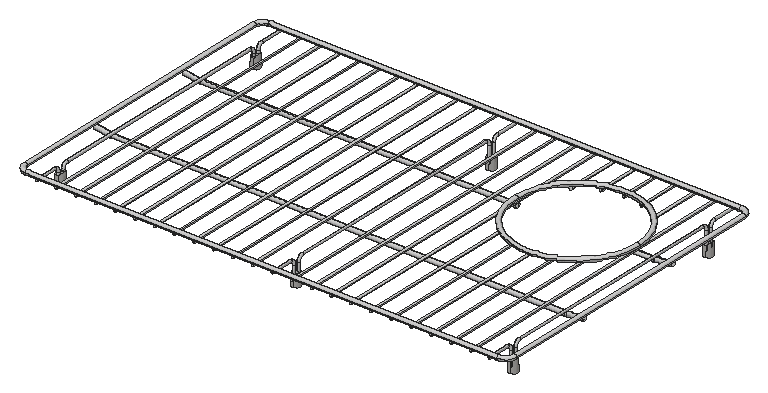
Revit family "Accessory-Sink_Rack-KOHLER-K-33716 ", category Specialty Equipment, host Face, Revit 2021
Family settings
  Host = Face
  Round Connector Dimension = Use Diameter
  Part Type = Normal
  OmniClass Number = 23.31.25.00
  OmniClass Title = Toilet and Bath Specialties
  Cut with Voids When Loaded = No
  Shared = No
  Room Calculation Point = No
Parameters (values of type "ST-Stainless Steel")
  Width = 14.34252"  # constant formula
  WaterSense Certified = 1 = 0  # no
  URL = "https://www.us.kohler.com/us/"
  Type = 1
  Product Page URL = "http://www.us.kohler.com/us/catalog/productDetails.jsp?productNumber=K-33716"
  Product Name = ""
  Product Documentation Link = "https://www.us.kohler.com/webassets/kpna/catalog/pdf/en/K-33716_spec_US-CA_Kohler_en.pdf"
  Model = "K-33716-ST"  # constant formula
  Material = "Stainless Steel"  # constant formula
  Master Format 2014 Name = "Toilet, Bath, and Laundry Accessories"  # constant formula
  Master Format 2014 = "10 28 00"  # constant formula
  Manufacturer Address = "444 Highland Dr, Kohler, WI 53044"  # constant formula
  Manufacturer = "Kohler Co."  # constant formula
  Length = 23"  # constant formula
  Height = 1.59055"  # constant formula
  Finish = KOHLER-Metal-ST-Stainless_Steel
  Environmental Product Declaration = ""
  Description = "27 Single Bowl Basin Rack"  # constant formula
  Default Elevation = 42"
  Declare Label = ""
  Date Modified = "08/11/2023"  # constant formula
  Date Created = "08/11/2023"  # constant formula
  Copyright = "Copyright Kohler Co."  # constant formula
  Contact Us = "https://www.us.kohler.com/us/static/contact.jsp"
  Assembly Code = "C1030200"
  ADA Compliant = 1 = 0  # no
Reference planes (in)
  plane 1 "Center (Front/Back)": y = 0
  plane 2: z = 0
  plane 3 "Center (Left/Right)": x = 0
  plane 4: z = 1.5905512
  plane 5: y = -5.6909449
  plane 6: y = 5.6909449
  plane 7: z = 1.2992126
  plane 8: y = -7.1712598
  plane 9: y = 7.1712598
  plane 10: x = -11.5
  plane 11: x = -10.5511811
  plane 12: x = 0.4409449
  plane 13: z = 0.4527559
  plane 14: x = 11.5
  plane 15: z = 1.1102362
  plane 16: x = 10.5590551
  plane 17: x = 6.9094488
  plane 18: y = 2.5807087
Dimensions and locks (in)
  plane 5 to plane 6 = 11.38189"
  plane 7 to plane 4 = 0.29134"
  plane 8 to plane 5 = 1.48031"
  plane 4 to plane 15 = 0.48031"
  "Height": plane 4 to level
  plane 11 to plane 12 = 10.99213"
  plane 12 to plane 16 = 10.11811"
  plane 10 to plane 11 = 0.94882"
  plane 4 to plane 13 = 1.1378"
  "Length": plane 10 to plane 14
  "Width": plane 9 to plane 8
  plane 10 to plane 17 = 18.40945"
  plane 9 to plane 18 = 4.59055"
  aligned and locked: plane 2 to host face
  aligned and locked: level to host face
Automatic sketch dimensions
  host sketch curve to host sketch curve = 96"  (x2)
Nested families (in)
  nested 1: "K-33716" at (0, 0, 0), type "K-33716"
Definition of nested family "K-33716"
  Parameters
    Material = none
    Default Elevation = 0"
  Reference planes (in)
    plane 1 "Center (Front/Back)": y = 0
    plane 2: z = 0
    plane 3 "Center (Left/Right)": x = 0
    plane 4: y = 7.1712598
    plane 5: y = -7.1712598
    plane 6: x = 11.5
    plane 7: x = -11.5
    plane 8: x = -10.5511811
    plane 9: x = 0.4409449
    plane 10: x = 10.5590551
    plane 11: z = 1.5905512
    plane 12: z = 1.1102362
    plane 13: z = 0.4527559
    plane 14: y = 5.6909449
    plane 15: y = -5.6909449
    plane 16: z = 1.2992126
    plane 17: x = 6.9094488
    plane 18: y = 2.5807087
  Forms (in)
    Sweep 1, solid, material <- "Material", detail levels medium+fine
      path origin (0, 0, 0) x (1, 0, 0) y (0, 1, 0)
        loop
          line (11.0011811, 7.1712598) -> (-11.0012944, 7.1712598)
          arc (-11.0012944, 7.1712598) -> (-11.3539325, 7.0251924) -> (-11.5, 6.6725542) r 0.4987056
          line (-11.5, 6.6725542) -> (-11.5, -6.6724409)
          arc (-11.5, -6.6724409) -> (-11.3538993, -7.0251592) -> (-11.0011811, -7.1712598) r 0.4988189
          line (-11.0011811, -7.1712598) -> (11.0011811, -7.1712598)
          arc (11.0011811, -7.1712598) -> (11.3538993, -7.0251592) -> (11.5, -6.6724409) r 0.4988189
          line (11.5, -6.6724409) -> (11.5, 6.6724409)
          arc (11.5, 6.6724409) -> (11.3538993, 7.0251592) -> (11.0011811, 7.1712598) r 0.4988189
      profile origin (-0.0000566, 7.1712598, 0) x (0, -1, 0) y (0, 0, 1)
        loop
          circle (0.092526, 1.4958902) r 0.0937008
    Sweep 2, solid, material <- "Material", detail levels medium+fine
      path origin (0, 0, -0.0929465) x (1, 0, 0) y (0, 0, 1)
        loop
          line (-11.4059977, 1.4026965) -> (-10.6165231, 1.3020015)
          arc (-10.6165231, 1.3020015) -> (-10.5916761, 1.29963) -> (-10.5667288, 1.2988377) r 0.3937008
          line (-10.5667288, 1.2988377) -> (10.5639856, 1.2979062)
          arc (10.5639856, 1.2979062) -> (10.5981679, 1.2990075) -> (10.6322081, 1.30231) r 0.5302808
          line (10.6322081, 1.30231) -> (11.4062794, 1.4026965)
      profile origin (-11.0112604, 0, 1.2594026) x (0.126522, 0, 0.991964) y (0, -1, 0)
        loop
          circle (0, 2.5813546) r 0.0937008
    Sweep 3, solid, material <- "Material", detail levels medium+fine
      path origin (0, 5.1639985, -0.0929465) x (1, 0, 0) y (0, 0, 1)
        loop
          line (-11.4059977, 1.4026965) -> (-10.6165231, 1.3020015)
          arc (-10.6165231, 1.3020015) -> (-10.5916761, 1.29963) -> (-10.5667288, 1.2988377) r 0.3937008
          line (-10.5667288, 1.2988377) -> (10.5639856, 1.2979062)
          arc (10.5639856, 1.2979062) -> (10.5981679, 1.2990075) -> (10.6322081, 1.30231) r 0.5302808
          line (10.6322081, 1.30231) -> (11.4062794, 1.4026965)
      profile origin (-11.0112604, 5.1639985, 1.2594026) x (0.126522, 0, 0.991964) y (0, -1, 0)
        loop
          circle (0, 2.5813546) r 0.0937008
    Sweep 4, solid, material <- "Material", detail levels medium+fine
      path origin (0, 0, 0) x (1, 0, 0) y (0, 1, 0)
        loop
          circle (6.9094488, 2.5807087) r 2.8433926
      profile origin (6.9094488, 5.4241012, 0) x (0, -1, 0) y (0, 0, 1)
        loop
          circle (0, 1.4962745) r 0.0937008
    Sweep 5, solid, material <- "Material", detail levels medium+fine
      path origin (0, 0, 0) x (0, 1, 0) y (0, 0, 1)
        loop
          line (-7.07751, 1.2969465) -> (-6.0287552, 1.2969465)
          arc (-6.0287552, 1.2969465) -> (-5.9218344, 1.2526584) -> (-5.8775463, 1.1457376) r 0.1512089
          line (-5.8775463, 1.1457376) -> (-5.8775463, 0.4279257)
          arc (-5.8775463, 0.4279257) -> (-5.6875278, 0.2379072) -> (-5.4975094, 0.4279257) r 0.1900185
          line (-5.4975094, 0.4279257) -> (-5.4975094, 1.1408375)
          arc (-5.4975094, 1.1408375) -> (-5.4517861, 1.2512232) -> (-5.3414004, 1.2969465) r 0.156109
          line (-5.3414004, 1.2969465) -> (5.3473352, 1.2969465)
          arc (5.3473352, 1.2969465) -> (5.454476, 1.2525673) -> (5.4988552, 1.1454264) r 0.15152
          line (5.4988552, 1.1454264) -> (5.4988552, 0.2819279)
          arc (5.4988552, 0.2819279) -> (5.6888812, 0.0919019) -> (5.8789072, 0.2819279) r 0.190026
          line (5.8789072, 0.2819279) -> (5.8789072, 1.1472599)
          arc (5.8789072, 1.1472599) -> (5.9227494, 1.2531043) -> (6.0285937, 1.2969465) r 0.1496866
          line (6.0285937, 1.2969465) -> (7.0788958, 1.2969465)
      profile origin (0, -6.5531326, 1.2969465) x (0, 0, 1) y (1, 0, 0)
        loop
          circle (0.05275, 10.5601409) r 0.05275
    Sweep 6, solid, material <- "Material", detail levels medium+fine
      path origin (-10.1190175, 0, 0) x (0, 1, 0) y (0, 0, 1)
        loop
          line (-7.07751, 1.2969465) -> (-6.0287552, 1.2969465)
          arc (-6.0287552, 1.2969465) -> (-5.9218344, 1.2526584) -> (-5.8775463, 1.1457376) r 0.1512089
          line (-5.8775463, 1.1457376) -> (-5.8775463, 0.4771383)
          arc (-5.8775463, 0.4771383) -> (-5.6875278, 0.2871198) -> (-5.4975094, 0.4771383) r 0.1900185
          line (-5.4975094, 0.4771383) -> (-5.4975094, 1.1408375)
          arc (-5.4975094, 1.1408375) -> (-5.4517861, 1.2512232) -> (-5.3414004, 1.2969465) r 0.156109
          line (-5.3414004, 1.2969465) -> (5.3473352, 1.2969465)
          arc (5.3473352, 1.2969465) -> (5.454476, 1.2525673) -> (5.4988552, 1.1454264) r 0.15152
          line (5.4988552, 1.1454264) -> (5.4988552, 0.3557468)
          arc (5.4988552, 0.3557468) -> (5.6888812, 0.1657208) -> (5.8789072, 0.3557468) r 0.190026
          line (5.8789072, 0.3557468) -> (5.8789072, 1.1472599)
          arc (5.8789072, 1.1472599) -> (5.9227494, 1.2531043) -> (6.0285937, 1.2969465) r 0.1496866
          line (6.0285937, 1.2969465) -> (7.0788958, 1.2969465)
      profile origin (-10.1190175, -6.5531326, 1.2969465) x (0, 0, 1) y (1, 0, 0)
        loop
          circle (0.05275, 10.5601409) r 0.05275
    Sweep 7, solid, material <- "Material", detail levels medium+fine
      path origin (-21.111, 0, 0) x (0, 1, 0) y (0, 0, 1)
        loop
          line (-7.07751, 1.2969465) -> (-6.0287552, 1.2969465)
          arc (-6.0287552, 1.2969465) -> (-5.9218344, 1.2526584) -> (-5.8775463, 1.1457376) r 0.1512089
          line (-5.8775463, 1.1457376) -> (-5.8775463, 0.784717)
          arc (-5.8775463, 0.784717) -> (-5.6875278, 0.5946985) -> (-5.4975094, 0.784717) r 0.1900185
          line (-5.4975094, 0.784717) -> (-5.4975094, 1.1408375)
          arc (-5.4975094, 1.1408375) -> (-5.4517861, 1.2512232) -> (-5.3414004, 1.2969465) r 0.156109
          line (-5.3414004, 1.2969465) -> (5.3473352, 1.2969465)
          arc (5.3473352, 1.2969465) -> (5.454476, 1.2525673) -> (5.4988552, 1.1454264) r 0.15152
          line (5.4988552, 1.1454264) -> (5.4988552, 0.7248413)
          arc (5.4988552, 0.7248413) -> (5.6888812, 0.5348153) -> (5.8789072, 0.7248413) r 0.190026
          line (5.8789072, 0.7248413) -> (5.8789072, 1.1472599)
          arc (5.8789072, 1.1472599) -> (5.9227494, 1.2531043) -> (6.0285937, 1.2969465) r 0.1496866
          line (6.0285937, 1.2969465) -> (7.0788958, 1.2969465)
      profile origin (-21.111, -6.5531326, 1.2969465) x (0, 0, 1) y (1, 0, 0)
        loop
          circle (0.05275, 10.5601409) r 0.05275
    Extrusion 8, solid, material <- "Material", detail levels medium+fine
      sketch origin (0, 0, 0) x (1, 0, 0) y (0, 0, 1)
        loop
          circle (-9.6348591, 1.3496965) r 0.05275
        loop
          circle (-8.7188591, 1.3496965) r 0.05275
        loop
          circle (-7.8028591, 1.3496965) r 0.05275
        loop
          circle (-6.8868591, 1.3496965) r 0.05275
        loop
          circle (-5.9708591, 1.3496965) r 0.05275
        loop
          circle (-5.0548591, 1.3496965) r 0.05275
        loop
          circle (-4.1388591, 1.3496965) r 0.05275
        loop
          circle (-3.2228591, 1.3496965) r 0.05275
        loop
          circle (-2.3068591, 1.3496965) r 0.05275
        loop
          circle (-1.3908591, 1.3496965) r 0.05275
        loop
          circle (-0.4748591, 1.3496965) r 0.05275
        loop
          circle (1.3571409, 1.3496965) r 0.05275
        loop
          circle (2.2731409, 1.3496965) r 0.05275
        loop
          circle (3.1891409, 1.3496965) r 0.05275
        loop
          circle (4.1051409, 1.3496965) r 0.05275
        loop
          circle (5.0401409, 1.3496965) r 0.05275
        loop
          circle (5.9751409, 1.3496965) r 0.05275
        loop
          circle (6.9101409, 1.3496965) r 0.05275
        loop
          circle (7.8451409, 1.3496965) r 0.05275
        loop
          circle (8.7801409, 1.3496965) r 0.05275
        loop
          circle (9.7151409, 1.3496965) r 0.05275
      from -7.0788958 to 7.07751
    Blend 9, solid, detail levels medium+fine
      base sketch origin (0, 0, 0) x (1, 0, 0) y (0, 1, 0)
        loop
          arc (-10.635096, 5.9204477) -> (-10.7345266, 5.689544) -> (-10.631372, 5.4602798) r 0.3119719
          arc (-10.631372, 5.4602798) -> (-10.5522356, 5.4296583) -> (-10.4727898, 5.4594677) r 0.1191468
          arc (-10.4727898, 5.4594677) -> (-10.3678434, 5.689535) -> (-10.4690179, 5.9212858) r 0.3102189
          arc (-10.4690179, 5.9212858) -> (-10.5522205, 5.953286) -> (-10.635096, 5.9204477) r 0.1225598
      top sketch origin (0, 0, 0) x (1, 0, 0) y (0, 1, 0)
        loop
          arc (-10.6275052, 5.8934006) -> (-10.7020659, 5.6996204) -> (-10.6411298, 5.5011339) r 0.3179714
          arc (-10.6411298, 5.5011339) -> (-10.5612207, 5.4574755) -> (-10.4766776, 5.4912982) r 0.1068224
          arc (-10.4766776, 5.4912982) -> (-10.3979449, 5.6970884) -> (-10.4844886, 5.8997177) r 0.2936872
          arc (-10.4844886, 5.8997177) -> (-10.5573824, 5.9279266) -> (-10.6275052, 5.8934006) r 0.0972872
      from 0.4355061 to 1.0207058
    Blend 10, solid, detail levels medium+fine
      base sketch origin (10.9913834, 0, 0) x (1, 0, 0) y (0, 1, 0)
        loop
          arc (-10.635096, 5.9204477) -> (-10.7345266, 5.689544) -> (-10.631372, 5.4602798) r 0.3119719
          arc (-10.631372, 5.4602798) -> (-10.5522356, 5.4296583) -> (-10.4727898, 5.4594677) r 0.1191468
          arc (-10.4727898, 5.4594677) -> (-10.3678434, 5.689535) -> (-10.4690179, 5.9212858) r 0.3102189
          arc (-10.4690179, 5.9212858) -> (-10.5522205, 5.953286) -> (-10.635096, 5.9204477) r 0.1225598
      top sketch origin (10.9913834, 0, 0) x (1, 0, 0) y (0, 1, 0)
        loop
          arc (-10.6275052, 5.8934006) -> (-10.7020659, 5.6996204) -> (-10.6411298, 5.5011339) r 0.3179714
          arc (-10.6411298, 5.5011339) -> (-10.5612207, 5.4574755) -> (-10.4766776, 5.4912982) r 0.1068224
          arc (-10.4766776, 5.4912982) -> (-10.3979449, 5.6970884) -> (-10.4844886, 5.8997177) r 0.2936872
          arc (-10.4844886, 5.8997177) -> (-10.5573824, 5.9279266) -> (-10.6275052, 5.8934006) r 0.0972872
      from 0.0640187 to 0.6524595
    Blend 11, solid, detail levels medium+fine
      base sketch origin (21.1101459, 0, 0) x (1, 0, 0) y (0, 1, 0)
        loop
          arc (-10.635096, 5.9204477) -> (-10.7345266, 5.689544) -> (-10.631372, 5.4602798) r 0.3119719
          arc (-10.631372, 5.4602798) -> (-10.5522356, 5.4296583) -> (-10.4727898, 5.4594677) r 0.1191468
          arc (-10.4727898, 5.4594677) -> (-10.3678434, 5.689535) -> (-10.4690179, 5.9212858) r 0.3102189
          arc (-10.4690179, 5.9212858) -> (-10.5522205, 5.953286) -> (-10.635096, 5.9204477) r 0.1225598
      top sketch origin (21.1101459, 0, 0) x (1, 0, 0) y (0, 1, 0)
        loop
          arc (-10.6275052, 5.8934006) -> (-10.7020659, 5.6996204) -> (-10.6411298, 5.5011339) r 0.3179714
          arc (-10.6411298, 5.5011339) -> (-10.5612207, 5.4574755) -> (-10.4766776, 5.4912982) r 0.1068224
          arc (-10.4766776, 5.4912982) -> (-10.3979449, 5.6970884) -> (-10.4844886, 5.8997177) r 0.2936872
          arc (-10.4844886, 5.8997177) -> (-10.5573824, 5.9279266) -> (-10.6275052, 5.8934006) r 0.0972872
      from -0.0157192 to 0.5707088
    Blend 12, solid, detail levels medium+fine
      base sketch origin (-0.0013096, -11.3841177, 0) x (1, 0, 0) y (0, 1, 0)
        loop
          arc (-10.635096, 5.9204477) -> (-10.7345266, 5.689544) -> (-10.631372, 5.4602798) r 0.3119719
          arc (-10.631372, 5.4602798) -> (-10.5522356, 5.4296583) -> (-10.4727898, 5.4594677) r 0.1191468
          arc (-10.4727898, 5.4594677) -> (-10.3678434, 5.689535) -> (-10.4690179, 5.9212858) r 0.3102189
          arc (-10.4690179, 5.9212858) -> (-10.5522205, 5.953286) -> (-10.635096, 5.9204477) r 0.1225598
      top sketch origin (-0.0013096, -11.3841177, 0) x (1, 0, 0) y (0, 1, 0)
        loop
          arc (-10.6275052, 5.8934006) -> (-10.7020659, 5.6996204) -> (-10.6411298, 5.5011339) r 0.3179714
          arc (-10.6411298, 5.5011339) -> (-10.5612207, 5.4574755) -> (-10.4766776, 5.4912982) r 0.1068224
          arc (-10.4766776, 5.4912982) -> (-10.3979449, 5.6970884) -> (-10.4844886, 5.8997177) r 0.2936872
          arc (-10.4844886, 5.8997177) -> (-10.5573824, 5.9279266) -> (-10.6275052, 5.8934006) r 0.0972872
      from 0.4821613 to 1.0790278
    Blend 13, solid, detail levels medium+fine
      base sketch origin (10.9906581, -11.3841177, 0) x (1, 0, 0) y (0, 1, 0)
        loop
          arc (-10.635096, 5.9204477) -> (-10.7345266, 5.689544) -> (-10.631372, 5.4602798) r 0.3119719
          arc (-10.631372, 5.4602798) -> (-10.5522356, 5.4296583) -> (-10.4727898, 5.4594677) r 0.1191468
          arc (-10.4727898, 5.4594677) -> (-10.3678434, 5.689535) -> (-10.4690179, 5.9212858) r 0.3102189
          arc (-10.4690179, 5.9212858) -> (-10.5522205, 5.953286) -> (-10.635096, 5.9204477) r 0.1225598
      top sketch origin (10.9906581, -11.3841177, 0) x (1, 0, 0) y (0, 1, 0)
        loop
          arc (-10.6275052, 5.8934006) -> (-10.7020659, 5.6996204) -> (-10.6411298, 5.5011339) r 0.3179714
          arc (-10.6411298, 5.5011339) -> (-10.5612207, 5.4574755) -> (-10.4766776, 5.4912982) r 0.1068224
          arc (-10.4766776, 5.4912982) -> (-10.3979449, 5.6970884) -> (-10.4844886, 5.8997177) r 0.2936872
          arc (-10.4844886, 5.8997177) -> (-10.5573824, 5.9279266) -> (-10.6275052, 5.8934006) r 0.0972872
      from 0.1696918 to 0.7822899
    Blend 14, solid, detail levels medium+fine
      base sketch origin (21.1100544, -11.3841177, 0) x (1, 0, 0) y (0, 1, 0)
        loop
          arc (-10.635096, 5.9204477) -> (-10.7345266, 5.689544) -> (-10.631372, 5.4602798) r 0.3119719
          arc (-10.631372, 5.4602798) -> (-10.5522356, 5.4296583) -> (-10.4727898, 5.4594677) r 0.1191468
          arc (-10.4727898, 5.4594677) -> (-10.3678434, 5.689535) -> (-10.4690179, 5.9212858) r 0.3102189
          arc (-10.4690179, 5.9212858) -> (-10.5522205, 5.953286) -> (-10.635096, 5.9204477) r 0.1225598
      top sketch origin (21.1100544, -11.3841177, 0) x (1, 0, 0) y (0, 1, 0)
        loop
          arc (-10.6275052, 5.8934006) -> (-10.7020659, 5.6996204) -> (-10.6411298, 5.5011339) r 0.3179714
          arc (-10.6411298, 5.5011339) -> (-10.5612207, 5.4574755) -> (-10.4766776, 5.4912982) r 0.1068224
          arc (-10.4766776, 5.4912982) -> (-10.3979449, 5.6970884) -> (-10.4844886, 5.8997177) r 0.2936872
          arc (-10.4844886, 5.8997177) -> (-10.5573824, 5.9279266) -> (-10.6275052, 5.8934006) r 0.0972872
      from 0.1395493 to 0.7298945
    Extrusion 15, void
      sketch origin (0, 0, 0) x (0, 1, 0) y (0, 0, 1)
        loop
          arc (5.9336608, 0.5090278) -> (5.6926526, 0.4501129) -> (5.4516444, 0.5090278) r 0.5224142
          arc (5.4516444, 0.5090278) -> (5.4271043, 0.5226375) -> (5.4033304, 0.5375452) r 0.5224142
          line (5.4033304, 0.5375452) -> (5.4033304, 0.4191413) -> (5.9606268, 0.4191413) -> (5.9606268, 0.546106)
          arc (5.9606268, 0.546106) -> (5.951509, 0.5243922) -> (5.9336608, 0.5090278) r 0.0513765
      from -10.9843794 to -10.2227665
    Extrusion 16, void
      sketch origin (0, 0, 0) x (0, 1, 0) y (0, 0, 1)
        loop
          line (5.940853, 0.9546041) -> (5.940853, 1.0386646) -> (5.4499229, 1.0386646) -> (5.4499229, 0.9594769)
          arc (5.4499229, 0.9594769) -> (5.6959301, 1.0116637) -> (5.940853, 0.9546041) r 0.5788742
      from -10.9843794 to -10.2227665
    Extrusion 17, void
      sketch origin (0, 0, 0) x (0, 1, 0) y (0, 0, 1)
        loop
          arc (-5.4142735, 0.580793) -> (-5.6991156, 0.5057522) -> (-5.9811005, 0.590903) r 0.5415535
          line (-5.9811005, 0.590903) -> (-5.9811005, 0.468857) -> (-5.4142735, 0.468857) -> (-5.4142735, 0.580793)
      from -10.9843794 to -10.2227665
    Extrusion 18, void
      sketch origin (0, 0, 0) x (0, 1, 0) y (0, 0, 1)
        loop
          line (-5.4393065, 1.0088394) -> (-5.4393065, 1.0896589) -> (-5.944423, 1.0896589) -> (-5.944423, 1.0063276)
          arc (-5.944423, 1.0063276) -> (-5.6921678, 1.0685209) -> (-5.4393065, 1.0088394) r 0.5538455
      from -10.8397952 to -10.2227665
    Extrusion 19, void
      sketch origin (0, 0, 0) x (0, 1, 0) y (0, 0, 1)
        loop
          line (-5.97055, 0.2271391) -> (-5.97055, 0.1319989) -> (-5.4137929, 0.1319989) -> (-5.4137929, 0.2248253)
          arc (-5.4137929, 0.2248253) -> (-5.6924937, 0.1484479) -> (-5.97055, 0.2271391) r 0.5385158
      from 10.3523542 to 10.8052032
    Extrusion 20, void
      sketch origin (0, 0, 0) x (0, 1, 0) y (0, 0, 1)
        loop
          arc (-5.9607114, 0.637514) -> (-5.6983871, 0.709812) -> (-5.4338831, 0.6459472) r 0.5436988
          line (-5.4338831, 0.6459472) -> (-5.4338831, 0.7461311) -> (-5.9607114, 0.7461311) -> (-5.9607114, 0.637514)
      from 10.3804069 to 10.7517034
    Extrusion 21, void
      sketch origin (0, 0, 0) x (0, 1, 0) y (0, 0, 1)
        loop
          line (5.4187168, 0.0777073) -> (5.4187168, -0.0262285) -> (5.9798746, -0.0262285) -> (5.9798746, 0.0877519)
          arc (5.9798746, 0.0877519) -> (5.7007945, -0.001003) -> (5.4187168, 0.0777073) r 0.512043
      from 10.3523542 to 10.8052032
    Extrusion 22, void
      sketch origin (0, 0, 0) x (0, 1, 0) y (0, 0, 1)
        loop
          arc (5.4306349, 0.4961115) -> (5.6876206, 0.5611708) -> (5.9452998, 0.4989152) r 0.5519642
          line (5.9452998, 0.4989152) -> (5.9452998, 0.5844947) -> (5.4306349, 0.5844947) -> (5.4306349, 0.4961115)
      from 10.3864948 to 10.7431905
    Extrusion 23, void
      sketch origin (0, 0, 0) x (0, 1, 0) y (0, 0, 1)
        loop
          line (-5.9646379, 0.2743789) -> (-5.9646379, 0.162967) -> (-5.4141084, 0.162967) -> (-5.4141084, 0.2751378)
          arc (-5.4141084, 0.2751378) -> (-5.6892688, 0.1990777) -> (-5.9646379, 0.2743789) r 0.5384356
      from 0.1959801 to 0.6654785
    Extrusion 24, void
      sketch origin (0, 0, 0) x (0, 1, 0) y (0, 0, 1)
        loop
          arc (-5.9643125, 0.6883398) -> (-5.7063013, 0.7593423) -> (-5.4448731, 0.7021893) r 0.5585851
          line (-5.4448731, 0.7021893) -> (-5.4448731, 0.7952431) -> (-5.9643125, 0.7952431) -> (-5.9643125, 0.6883398)
      from 0.1959801 to 0.6654785
    Extrusion 25, void
      sketch origin (0, 0, 0) x (0, 1, 0) y (0, 0, 1)
        loop
          line (5.409058, 0.1637609) -> (5.409058, 0.0474097) -> (5.9808477, 0.0474097) -> (5.9808477, 0.1709229)
          arc (5.9808477, 0.1709229) -> (5.6960308, 0.0812791) -> (5.409058, 0.1637609) r 0.5179338
      from 0.2118076 to 0.6826816
    Extrusion 26, void
      sketch origin (0, 0, 0) x (0, 1, 0) y (0, 0, 1)
        loop
          arc (5.4201927, 0.5722858) -> (5.6857144, 0.6435616) -> (5.9527169, 0.5780504) r 0.5525201
          line (5.9527169, 0.5780504) -> (5.9527169, 0.6674429) -> (5.4201927, 0.6674429) -> (5.4201927, 0.5722858)
      from 0.2118076 to 0.6826816
    Extrusion 27, void
      sketch origin (0, 0, 0) x (1, 0, 0) y (0, 1, 0)
        loop
          circle (6.9094488, 2.5807087) r 2.748343
      from 0.9280911 to 1.6867615
    Extrusion 28, solid, material <- "Material", detail levels coarse
      sketch origin (0, 0, 0) x (1, 0, 0) y (0, 1, 0)
        loop
          line (11.0114173, 7.1712598) -> (-11.0112857, 7.1712598)
          arc (-11.0112857, 7.1712598) -> (-11.3568589, 7.0281187) -> (-11.5, 6.6825455) r 0.4887143
          line (-11.5, 6.6825455) -> (-11.5, -6.6826772)
          arc (-11.5, -6.6826772) -> (-11.3568974, -7.0281573) -> (-11.0114173, -7.1712598) r 0.4885827
          line (-11.0114173, -7.1712598) -> (11.0114173, -7.1712598)
          arc (11.0114173, -7.1712598) -> (11.3568974, -7.0281573) -> (11.5, -6.6826772) r 0.4885827
          line (11.5, -6.6826772) -> (11.5, 6.6826772)
          arc (11.5, 6.6826772) -> (11.3568974, 7.0281573) -> (11.0114173, 7.1712598) r 0.4885827
        loop
          line (11.0114173, 6.9822835) -> (-11.0112857, 6.9822835)
          arc (-11.0112857, 6.9822835) -> (-11.2232324, 6.8944923) -> (-11.3110236, 6.6825455) r 0.2997379
          line (-11.3110236, 6.6825455) -> (-11.3110236, -6.6826772)
          arc (-11.3110236, -6.6826772) -> (-11.223271, -6.8945308) -> (-11.0114173, -6.9822835) r 0.2996063
          line (-11.0114173, -6.9822835) -> (11.0114173, -6.9822835)
          arc (11.0114173, -6.9822835) -> (11.223271, -6.8945308) -> (11.3110236, -6.6826772) r 0.2996063
          line (11.3110236, -6.6826772) -> (11.3110236, 6.6826772)
          arc (11.3110236, 6.6826772) -> (11.223271, 6.8945308) -> (11.0114173, 6.9822835) r 0.2996063
      from 1.4027435 to 1.5901903
    Extrusion 29, solid, material <- "Material", detail levels coarse
      sketch origin (0, 0, 0) x (0, 1, 0) y (0, 0, 1)
        loop
          circle (-2.5808363, 1.3097242) r 0.0930955
      from -11.3110236 to 11.3110236
    Extrusion 30, solid, material <- "Material", detail levels coarse
      sketch origin (0, 5.164, 0) x (0, 1, 0) y (0, 0, 1)
        loop
          circle (-2.5808363, 1.3097242) r 0.0930955
      from -11.3110236 to 11.3110236
    Extrusion 31, solid, material <- "Material", detail levels coarse
      sketch origin (0, 0, 0) x (1, 0, 0) y (0, 1, 0)
        loop
          circle (6.9094488, 2.5807087) r 2.9527559
        loop
          circle (6.9094488, 2.5807087) r 2.7480029
      from 1.4027435 to 1.5901903
    Extrusion 32, solid, detail levels coarse
      sketch origin (0, 0, 0) x (1, 0, 0) y (0, 1, 0)
        loop
          arc (10.6425274, -5.9157796) -> (10.738608, -5.6880592) -> (10.6391844, -5.4617785) r 0.3124556
          arc (10.6391844, -5.4617785) -> (10.5620786, -5.4307493) -> (10.4840765, -5.4594508) r 0.1156411
          arc (10.4840765, -5.4594508) -> (10.3798235, -5.689075) -> (10.4832709, -5.9190632) r 0.3061902
          arc (10.4832709, -5.9190632) -> (10.56354, -5.9485031) -> (10.6425274, -5.9157796) r 0.1175658
      from 0.1283167 to 0.7315533
    Extrusion 33, solid, detail levels coarse
      sketch origin (-10.122474, 0, 0) x (1, 0, 0) y (0, 1, 0)
        loop
          arc (10.6425274, -5.9157796) -> (10.738608, -5.6880592) -> (10.6391844, -5.4617785) r 0.3124556
          arc (10.6391844, -5.4617785) -> (10.5620786, -5.4307493) -> (10.4840765, -5.4594508) r 0.1156411
          arc (10.4840765, -5.4594508) -> (10.3798235, -5.689075) -> (10.4832709, -5.9190632) r 0.3061902
          arc (10.4832709, -5.9190632) -> (10.56354, -5.9485031) -> (10.6425274, -5.9157796) r 0.1175658
      from 0.1865245 to 0.7677143
    Extrusion 34, solid, detail levels coarse
      sketch origin (-21.1154222, 0, 0) x (1, 0, 0) y (0, 1, 0)
        loop
          arc (10.6425274, -5.9157796) -> (10.738608, -5.6880592) -> (10.6391844, -5.4617785) r 0.3124556
          arc (10.6391844, -5.4617785) -> (10.5620786, -5.4307493) -> (10.4840765, -5.4594508) r 0.1156411
          arc (10.4840765, -5.4594508) -> (10.3798235, -5.689075) -> (10.4832709, -5.9190632) r 0.3061902
          arc (10.4832709, -5.9190632) -> (10.56354, -5.9485031) -> (10.6425274, -5.9157796) r 0.1175658
      from 0.4936412 to 1.0741254
    Extrusion 35, solid, detail levels coarse
      sketch origin (-0.0034157, 11.3813286, 0) x (1, 0, 0) y (0, 1, 0)
        loop
          arc (10.6425274, -5.9157796) -> (10.738608, -5.6880592) -> (10.6391844, -5.4617785) r 0.3124556
          arc (10.6391844, -5.4617785) -> (10.5620786, -5.4307493) -> (10.4840765, -5.4594508) r 0.1156411
          arc (10.4840765, -5.4594508) -> (10.3798235, -5.689075) -> (10.4832709, -5.9190632) r 0.3061902
          arc (10.4832709, -5.9190632) -> (10.56354, -5.9485031) -> (10.6425274, -5.9157796) r 0.1175658
      from 0 to 0.576077
    Extrusion 36, solid, detail levels coarse
      sketch origin (-10.1241655, 11.3813286, 0) x (1, 0, 0) y (0, 1, 0)
        loop
          arc (10.6425274, -5.9157796) -> (10.738608, -5.6880592) -> (10.6391844, -5.4617785) r 0.3124556
          arc (10.6391844, -5.4617785) -> (10.5620786, -5.4307493) -> (10.4840765, -5.4594508) r 0.1156411
          arc (10.4840765, -5.4594508) -> (10.3798235, -5.689075) -> (10.4832709, -5.9190632) r 0.3061902
          arc (10.4832709, -5.9190632) -> (10.56354, -5.9485031) -> (10.6425274, -5.9157796) r 0.1175658
      from 0.0681911 to 0.6510556
    Extrusion 37, solid, detail levels coarse
      sketch origin (-21.1136958, 11.3813286, 0) x (1, 0, 0) y (0, 1, 0)
        loop
          arc (10.6425274, -5.9157796) -> (10.738608, -5.6880592) -> (10.6391844, -5.4617785) r 0.3124556
          arc (10.6391844, -5.4617785) -> (10.5620786, -5.4307493) -> (10.4840765, -5.4594508) r 0.1156411
          arc (10.4840765, -5.4594508) -> (10.3798235, -5.689075) -> (10.4832709, -5.9190632) r 0.3061902
          arc (10.4832709, -5.9190632) -> (10.56354, -5.9485031) -> (10.6425274, -5.9157796) r 0.1175658
      from 0.4506903 to 1.0145497
    Extrusion 38, solid, material <- "Material", detail levels coarse
      sketch origin (0, 0, 0) x (0, 1, 0) y (0, 0, 1)
        loop
          line (-7.07751, 1.2969465) -> (-6.0328867, 1.2969465)
          arc (-6.0328867, 1.2969465) -> (-5.9230439, 1.2514481) -> (-5.8775455, 1.1416053) r 0.1553412
          line (-5.8775455, 1.1416053) -> (-5.8775455, 0.4236327)
          arc (-5.8775455, 0.4236327) -> (-5.6876157, 0.2337028) -> (-5.4976858, 0.4236327) r 0.1899299
          line (-5.4976858, 0.4236327) -> (-5.4976858, 1.1416525)
          arc (-5.4976858, 1.1416525) -> (-5.4522012, 1.2514619) -> (-5.3423918, 1.2969465) r 0.155294
          line (-5.3423918, 1.2969465) -> (5.3402974, 1.2969465)
          arc (5.3402974, 1.2969465) -> (5.4523681, 1.2505253) -> (5.4987893, 1.1384547) r 0.1584918
          line (5.4987893, 1.1384547) -> (5.4987893, 0.2838606)
          arc (5.4987893, 0.2838606) -> (5.6888633, 0.0937865) -> (5.8789374, 0.2838606) r 0.190074
          line (5.8789374, 0.2838606) -> (5.8789374, 1.1331278)
          arc (5.8789374, 1.1331278) -> (5.9269187, 1.2489651) -> (6.042756, 1.2969465) r 0.1638186
          line (6.042756, 1.2969465) -> (7.0788958, 1.2969465) -> (7.0788958, 1.4024465) -> (6.0367975, 1.4024465)
          arc (6.0367975, 1.4024465) -> (5.8502206, 1.3251638) -> (5.7729379, 1.1385868) r 0.2638597
          line (5.7729379, 1.1385868) -> (5.7729379, 0.2750528)
          arc (5.7729379, 0.2750528) -> (5.6890493, 0.1911643) -> (5.6051608, 0.2750528) r 0.0838885
          line (5.6051608, 0.2750528) -> (5.6051608, 1.1452617)
          arc (5.6051608, 1.1452617) -> (5.5297461, 1.3273288) -> (5.347679, 1.4027435) r 0.2574817
          line (5.347679, 1.4027435) -> (-5.3379147, 1.4027435)
          arc (-5.3379147, 1.4027435) -> (-5.5251917, 1.3251708) -> (-5.6027644, 1.1378938) r 0.2648497
          line (-5.6027644, 1.1378938) -> (-5.6027644, 0.4338717)
          arc (-5.6027644, 0.4338717) -> (-5.6876919, 0.3489442) -> (-5.7726195, 0.4338717) r 0.0849275
          line (-5.7726195, 0.4338717) -> (-5.7726195, 1.1445055)
          arc (-5.7726195, 1.1445055) -> (-5.8481686, 1.3268973) -> (-6.0305604, 1.4024465) r 0.2579409
          line (-6.0305604, 1.4024465) -> (-7.07751, 1.4024465) -> (-7.07751, 1.2969465)
      from 10.5075672 to 10.6128819
    Extrusion 39, solid, material <- "Material", detail levels coarse
      sketch origin (0, 0, 0) x (0, 1, 0) y (0, 0, 1)
        loop
          line (-7.07751, 1.2969465) -> (-6.0328867, 1.2969465)
          arc (-6.0328867, 1.2969465) -> (-5.9230439, 1.2514481) -> (-5.8775455, 1.1416053) r 0.1553412
          line (-5.8775455, 1.1416053) -> (-5.8775455, 0.4236327)
          arc (-5.8775455, 0.4236327) -> (-5.6876157, 0.2337028) -> (-5.4976858, 0.4236327) r 0.1899299
          line (-5.4976858, 0.4236327) -> (-5.4976858, 1.1416525)
          arc (-5.4976858, 1.1416525) -> (-5.4522012, 1.2514619) -> (-5.3423918, 1.2969465) r 0.155294
          line (-5.3423918, 1.2969465) -> (5.3402974, 1.2969465)
          arc (5.3402974, 1.2969465) -> (5.4523681, 1.2505253) -> (5.4987893, 1.1384547) r 0.1584918
          line (5.4987893, 1.1384547) -> (5.4987893, 0.2838606)
          arc (5.4987893, 0.2838606) -> (5.6888633, 0.0937865) -> (5.8789374, 0.2838606) r 0.190074
          line (5.8789374, 0.2838606) -> (5.8789374, 1.1331278)
          arc (5.8789374, 1.1331278) -> (5.9269187, 1.2489651) -> (6.042756, 1.2969465) r 0.1638186
          line (6.042756, 1.2969465) -> (7.0788958, 1.2969465) -> (7.0788958, 1.4024465) -> (6.0367975, 1.4024465)
          arc (6.0367975, 1.4024465) -> (5.8502206, 1.3251638) -> (5.7729379, 1.1385868) r 0.2638597
          line (5.7729379, 1.1385868) -> (5.7729379, 0.2750528)
          arc (5.7729379, 0.2750528) -> (5.6890493, 0.1911643) -> (5.6051608, 0.2750528) r 0.0838885
          line (5.6051608, 0.2750528) -> (5.6051608, 1.1452617)
          arc (5.6051608, 1.1452617) -> (5.5297461, 1.3273288) -> (5.347679, 1.4027435) r 0.2574817
          line (5.347679, 1.4027435) -> (-5.3379147, 1.4027435)
          arc (-5.3379147, 1.4027435) -> (-5.5251917, 1.3251708) -> (-5.6027644, 1.1378938) r 0.2648497
          line (-5.6027644, 1.1378938) -> (-5.6027644, 0.4338717)
          arc (-5.6027644, 0.4338717) -> (-5.6876919, 0.3489442) -> (-5.7726195, 0.4338717) r 0.0849275
          line (-5.7726195, 0.4338717) -> (-5.7726195, 1.1445055)
          arc (-5.7726195, 1.1445055) -> (-5.8481686, 1.3268973) -> (-6.0305604, 1.4024465) r 0.2579409
          line (-6.0305604, 1.4024465) -> (-7.07751, 1.4024465) -> (-7.07751, 1.2969465)
      from 10.5075672 to 10.6128819
    Extrusion 40, solid, material <- "Material", detail levels coarse
      sketch origin (-10.119, 0, 0) x (0, 1, 0) y (0, 0, 1)
        loop
          line (-7.07751, 1.2969465) -> (-6.0328867, 1.2969465)
          arc (-6.0328867, 1.2969465) -> (-5.9230439, 1.2514481) -> (-5.8775455, 1.1416053) r 0.1553412
          line (-5.8775455, 1.1416053) -> (-5.8775455, 0.4851484)
          arc (-5.8775455, 0.4851484) -> (-5.6876157, 0.2952185) -> (-5.4976858, 0.4851484) r 0.1899299
          line (-5.4976858, 0.4851484) -> (-5.4976858, 1.1416525)
          arc (-5.4976858, 1.1416525) -> (-5.4522012, 1.2514619) -> (-5.3423918, 1.2969465) r 0.155294
          line (-5.3423918, 1.2969465) -> (5.3402974, 1.2969465)
          arc (5.3402974, 1.2969465) -> (5.4523681, 1.2505253) -> (5.4987893, 1.1384547) r 0.1584918
          line (5.4987893, 1.1384547) -> (5.4987893, 0.3822858)
          arc (5.4987893, 0.3822858) -> (5.6888633, 0.1922117) -> (5.8789374, 0.3822858) r 0.190074
          line (5.8789374, 0.3822858) -> (5.8789374, 1.1331278)
          arc (5.8789374, 1.1331278) -> (5.9269187, 1.2489651) -> (6.042756, 1.2969465) r 0.1638186
          line (6.042756, 1.2969465) -> (7.0788958, 1.2969465) -> (7.0788958, 1.4024465) -> (6.0367975, 1.4024465)
          arc (6.0367975, 1.4024465) -> (5.8502206, 1.3251638) -> (5.7729379, 1.1385868) r 0.2638597
          line (5.7729379, 1.1385868) -> (5.7729379, 0.373478)
          arc (5.7729379, 0.373478) -> (5.6890493, 0.2895895) -> (5.6051608, 0.373478) r 0.0838885
          line (5.6051608, 0.373478) -> (5.6051608, 1.1452617)
          arc (5.6051608, 1.1452617) -> (5.5297461, 1.3273288) -> (5.347679, 1.4027435) r 0.2574817
          line (5.347679, 1.4027435) -> (-5.3379147, 1.4027435)
          arc (-5.3379147, 1.4027435) -> (-5.5251917, 1.3251708) -> (-5.6027644, 1.1378938) r 0.2648497
          line (-5.6027644, 1.1378938) -> (-5.6027644, 0.4953875)
          arc (-5.6027644, 0.4953875) -> (-5.6876919, 0.4104599) -> (-5.7726195, 0.4953875) r 0.0849275
          line (-5.7726195, 0.4953875) -> (-5.7726195, 1.1445055)
          arc (-5.7726195, 1.1445055) -> (-5.8481686, 1.3268973) -> (-6.0305604, 1.4024465) r 0.2579409
          line (-6.0305604, 1.4024465) -> (-7.07751, 1.4024465) -> (-7.07751, 1.2969465)
      from 10.5075672 to 10.6128819
    Extrusion 41, solid, material <- "Material", detail levels coarse
      sketch origin (-21.111, 0, 0) x (0, 1, 0) y (0, 0, 1)
        loop
          line (-7.07751, 1.2969465) -> (-6.0328867, 1.2969465)
          arc (-6.0328867, 1.2969465) -> (-5.9230439, 1.2514481) -> (-5.8775455, 1.1416053) r 0.1553412
          line (-5.8775455, 1.1416053) -> (-5.8775455, 0.7927272)
          arc (-5.8775455, 0.7927272) -> (-5.6876157, 0.6027973) -> (-5.4976858, 0.7927272) r 0.1899299
          line (-5.4976858, 0.7927272) -> (-5.4976858, 1.1416525)
          arc (-5.4976858, 1.1416525) -> (-5.4522012, 1.2514619) -> (-5.3423918, 1.2969465) r 0.155294
          line (-5.3423918, 1.2969465) -> (5.3402974, 1.2969465)
          arc (5.3402974, 1.2969465) -> (5.4523681, 1.2505253) -> (5.4987893, 1.1384547) r 0.1584918
          line (5.4987893, 1.1384547) -> (5.4987893, 0.7390771)
          arc (5.4987893, 0.7390771) -> (5.6888633, 0.5490031) -> (5.8789374, 0.7390771) r 0.190074
          line (5.8789374, 0.7390771) -> (5.8789374, 1.1331278)
          arc (5.8789374, 1.1331278) -> (5.9269187, 1.2489651) -> (6.042756, 1.2969465) r 0.1638186
          line (6.042756, 1.2969465) -> (7.0788958, 1.2969465) -> (7.0788958, 1.4024465) -> (6.0367975, 1.4024465)
          arc (6.0367975, 1.4024465) -> (5.8502206, 1.3251638) -> (5.7729379, 1.1385868) r 0.2638597
          line (5.7729379, 1.1385868) -> (5.7729379, 0.7302694)
          arc (5.7729379, 0.7302694) -> (5.6890493, 0.6463808) -> (5.6051608, 0.7302694) r 0.0838885
          line (5.6051608, 0.7302694) -> (5.6051608, 1.1452617)
          arc (5.6051608, 1.1452617) -> (5.5297461, 1.3273288) -> (5.347679, 1.4027435) r 0.2574817
          line (5.347679, 1.4027435) -> (-5.3379147, 1.4027435)
          arc (-5.3379147, 1.4027435) -> (-5.5251917, 1.3251708) -> (-5.6027644, 1.1378938) r 0.2648497
          line (-5.6027644, 1.1378938) -> (-5.6027644, 0.8029662)
          arc (-5.6027644, 0.8029662) -> (-5.6876919, 0.7180387) -> (-5.7726195, 0.8029662) r 0.0849275
          line (-5.7726195, 0.8029662) -> (-5.7726195, 1.1445055)
          arc (-5.7726195, 1.1445055) -> (-5.8481686, 1.3268973) -> (-6.0305604, 1.4024465) r 0.2579409
          line (-6.0305604, 1.4024465) -> (-7.07751, 1.4024465) -> (-7.07751, 1.2969465)
      from 10.5075672 to 10.6128819
    Extrusion 42, solid, material <- "Material", detail levels coarse
      sketch origin (0, 0, 0) x (1, 0, 0) y (0, 0, 1)
        loop
          circle (9.7151409, 1.3496965) r 0.05275
        loop
          circle (8.7801409, 1.3496965) r 0.05275
        loop
          circle (7.8451409, 1.3496965) r 0.05275
        loop
          circle (6.9101409, 1.3496965) r 0.05275
        loop
          circle (5.9751409, 1.3496965) r 0.05275
        loop
          circle (5.0401409, 1.3496965) r 0.05275
        loop
          circle (4.1051409, 1.3496965) r 0.05275
        loop
          circle (3.1891409, 1.3496965) r 0.05275
        loop
          circle (2.2731409, 1.3496965) r 0.05275
        loop
          circle (1.3571409, 1.3496965) r 0.05275
        loop
          circle (-0.4748591, 1.3496965) r 0.05275
        loop
          circle (-1.3908591, 1.3496965) r 0.05275
        loop
          circle (-2.3068591, 1.3496965) r 0.05275
        loop
          circle (-3.2228591, 1.3496965) r 0.05275
        loop
          circle (-4.1388591, 1.3496965) r 0.05275
        loop
          circle (-5.0548591, 1.3496965) r 0.05275
        loop
          circle (-5.9708591, 1.3496965) r 0.05275
        loop
          circle (-6.8868591, 1.3496965) r 0.05275
        loop
          circle (-7.8028591, 1.3496965) r 0.05275
        loop
          circle (-8.7188591, 1.3496965) r 0.05275
        loop
          circle (-9.6348591, 1.3496965) r 0.05275
      from -7.1712598 to 7.1712598
    Extrusion 43, void
      sketch origin (0, 0, 0) x (1, 0, 0) y (0, 1, 0)
        loop
          circle (6.9094488, 2.5807087) r 2.7480029
      from 0.7315533 to 2.1886308
  Cuts and joins
    Extrusion 15, Extrusion 16 cuts Blend 9
    Extrusion 16, Extrusion 25, Extrusion 26 cuts Blend 10
    Extrusion 21, Extrusion 22 cuts Blend 11
    Extrusion 17, Extrusion 18 cuts Blend 12
    Extrusion 23, Extrusion 24 cuts Blend 13
    Extrusion 19, Extrusion 20 cuts Blend 14
    joined: Blend 9, Blend 10, Blend 11, Blend 12, Blend 13, Blend 14
    Extrusion 16 cuts Sweep 6
    Extrusion 27 cuts Extrusion 8
    joined: Sweep 4, Sweep 5, Sweep 6, Sweep 7, Extrusion 8
    Extrusion 27 cuts Sweep 3
    joined: Sweep 1, Sweep 2, Sweep 3
    Extrusion 43 cuts Extrusion 30
    Extrusion 43 cuts Extrusion 42
    joined: Extrusion 28, Extrusion 29, Extrusion 30, Extrusion 39, Extrusion 40, Extrusion 41, Extrusion 42
    joined: Extrusion 32, Extrusion 33, Extrusion 34, Extrusion 35, Extrusion 36, Extrusion 37
  Lines and regions (in)
    Masking region 1
      outline origin (0, 0, 0) x (1, 0, 0) y (0, 1, 0)
        loop
          line (11.0067864, 7.1712598) -> (-10.9992781, 7.1712598)
          arc (-10.9992781, 7.1712598) -> (-11.353342, 7.0246018) -> (-11.5, 6.670538) r 0.5007219
          line (-11.5, 6.670538) -> (-11.5, -6.6710844)
          arc (-11.5, -6.6710844) -> (-11.353502, -7.0247619) -> (-10.9998246, -7.1712598) r 0.5001754
          line (-10.9998246, -7.1712598) -> (11.0014246, -7.1712598)
          arc (11.0014246, -7.1712598) -> (11.3539706, -7.0252305) -> (11.5, -6.6726844) r 0.4985754
          line (11.5, -6.6726844) -> (11.5, 6.6780462)
          arc (11.5, 6.6780462) -> (11.3555411, 7.0268009) -> (11.0067864, 7.1712598) r 0.4932136
        loop
          arc (-10.9990984, -6.983777) -> (-11.2205308, -6.8920567) -> (-11.3122511, -6.6706243) r 0.3131527
          line (-11.3122511, -6.6706243) -> (-11.3122511, -2.6749928) -> (-10.6032901, -2.6749928) -> (-10.6032901, -5.4424199)
          arc (-10.6032901, -5.4424199) -> (-10.7295996, -5.6896332) -> (-10.6032901, -5.9368465) r 0.305078
          line (-10.6032901, -5.9368465) -> (-10.6032901, -6.9850933) -> (-11.0007703, -6.9850933)
        loop
          arc (11.3135324, 6.671282) -> (11.2217924, 6.8927619) -> (11.0003124, 6.9845019) r 0.3132199
          line (11.0003124, 6.9845019) -> (10.6126741, 6.9845019) -> (10.6126741, 5.9429521)
          arc (10.6126741, 5.9429521) -> (10.740335, 5.6944275) -> (10.6126741, 5.4459029) r 0.3057388
          line (10.6126741, 5.4459029) -> (10.6126741, 2.6769692) -> (11.3135324, 2.6769692) -> (11.3135324, 6.671282)
        loop
          line (-11.3122511, 6.6736125) -> (-11.3122511, 2.6763778) -> (-10.6032901, 2.6763778) -> (-10.6032901, 5.4459666)
          arc (-10.6032901, 5.4459666) -> (-10.7302371, 5.6925517) -> (-10.6032901, 5.9391369) r 0.3029602
          line (-10.6032901, 5.9391369) -> (-10.6032901, 6.9850933) -> (-11.0007703, 6.9850933)
          arc (-11.0007703, 6.9850933) -> (-11.2210205, 6.8938627) -> (-11.3122511, 6.6736125) r 0.3114807
        loop
          line (11.3135324, -6.670003) -> (11.3135324, -2.6744014) -> (10.6126741, -2.6744014) -> (10.6126741, -5.4389376)
          arc (10.6126741, -5.4389376) -> (10.740335, -5.6874623) -> (10.6126741, -5.9359869) r 0.3057388
          line (10.6126741, -5.9359869) -> (10.6126741, -6.9845019) -> (10.9992686, -6.9842668)
          arc (10.9992686, -6.9842668) -> (11.2214866, -6.8922211) -> (11.3135324, -6.670003) r 0.3142638
        loop
          line (-10.4985201, -6.9850509) -> (-9.6876159, -6.9850509) -> (-9.6876159, -2.6749504) -> (-10.49942, -2.6749504) -> (-10.49942, -5.437148)
          arc (-10.49942, -5.437148) -> (-10.3701811, -5.6867653) -> (-10.4985201, -5.9368465) r 0.3067475
          line (-10.4985201, -5.9368465) -> (-10.4985201, -6.9850509)
        loop
          arc (-10.4978821, 5.9391857) -> (-10.3729255, 5.6919054) -> (-10.49942, 5.4454083) r 0.3052732
          line (-10.49942, 5.4454083) -> (-10.49942, 2.6764202) -> (-9.6876159, 2.6764202) -> (-9.6876159, 6.9850509) -> (-10.4978821, 6.9850509) -> (-10.4978821, 5.9391857)
        loop
          line (-9.5821118, 6.9850509) -> (-9.5821118, 2.6764202) -> (-8.7716419, 2.6764202) -> (-8.7716419, 6.9850509) -> (-9.5821118, 6.9850509)
        loop
          line (-8.7716419, -6.9850509) -> (-8.7716419, -2.6749504) -> (-9.5821118, -2.6749504) -> (-9.5821118, -6.9850509) -> (-8.7716419, -6.9850509)
        loop
          line (-8.6661378, 6.9850509) -> (-8.6661378, 2.6764202) -> (-7.8557857, 2.6764202) -> (-7.8557857, 6.9850509) -> (-8.6661378, 6.9850509)
        loop
          line (-7.8557857, -6.9850509) -> (-7.8557857, -2.6749504) -> (-8.6661378, -2.6749504) -> (-8.6661378, -6.9850509) -> (-7.8557857, -6.9850509)
        loop
          line (-7.7502816, 6.9850509) -> (-7.7502816, 2.6764202) -> (-6.9395921, 2.6764202) -> (-6.9395921, 6.9850509) -> (-7.7502816, 6.9850509)
        loop
          line (-6.9395921, -6.9850509) -> (-6.9395921, -2.6749504) -> (-7.7502816, -2.6749504) -> (-7.7502816, -6.9850509) -> (-6.9395921, -6.9850509)
        loop
          line (-6.834088, 6.9850509) -> (-6.834088, 2.6764202) -> (-6.0236181, 2.6764202) -> (-6.0236181, 6.9850509) -> (-6.834088, 6.9850509)
        loop
          line (-6.0236181, -6.9850509) -> (-6.0236181, -2.6749504) -> (-6.834088, -2.6749504) -> (-6.834088, -6.9850509) -> (-6.0236181, -6.9850509)
        loop
          line (-5.918114, 6.9850509) -> (-5.918114, 2.6764202) -> (-5.1077619, 2.6764202) -> (-5.1077619, 6.9850509) -> (-5.918114, 6.9850509)
        loop
          line (-5.1077619, -6.9850509) -> (-5.1077619, -2.6749504) -> (-5.918114, -2.6749504) -> (-5.918114, -6.9850509) -> (-5.1077619, -6.9850509)
        loop
          line (-5.0022578, 6.9850509) -> (-5.0022578, 2.6764202) -> (-4.1918911, 2.6764202) -> (-4.1918911, 6.9850509) -> (-5.0022578, 6.9850509)
        loop
          line (-4.1918911, -6.9850509) -> (-4.1918911, -2.6749504) -> (-5.0022578, -2.6749504) -> (-5.0022578, -6.9850509) -> (-4.1918911, -6.9850509)
        loop
          line (-4.086387, 6.9850509) -> (-4.086387, 2.6764202) -> (-3.2759171, 2.6764202) -> (-3.2759171, 6.9850509) -> (-4.086387, 6.9850509)
        loop
          line (-3.2759171, -6.9850509) -> (-3.2759171, -2.6749504) -> (-4.086387, -2.6749504) -> (-4.086387, -6.9850509) -> (-3.2759171, -6.9850509)
        loop
          line (-3.170413, 6.9850509) -> (-3.170413, 2.6764202) -> (-2.3600609, 2.6764202) -> (-2.3600609, 6.9850509) -> (-3.170413, 6.9850509)
        loop
          line (-2.3600609, -6.9850509) -> (-2.3600609, -2.6749504) -> (-3.170413, -2.6749504) -> (-3.170413, -6.9850509) -> (-2.3600609, -6.9850509)
        loop
          line (-2.2545568, 6.9850509) -> (-2.2545568, 2.6764202) -> (-1.4438673, 2.6764202) -> (-1.4438673, 6.9850509) -> (-2.2545568, 6.9850509)
        loop
          line (-1.4438673, -6.9850509) -> (-1.4438673, -2.6749504) -> (-2.2545568, -2.6749504) -> (-2.2545568, -6.9850509) -> (-1.4438673, -6.9850509)
        loop
          line (-1.3383632, 6.9850509) -> (-1.3383632, 2.6764202) -> (-0.5278933, 2.6764202) -> (-0.5278933, 6.9850509) -> (-1.3383632, 6.9850509)
        loop
          line (-0.5278933, -6.9850509) -> (-0.5278933, -2.6749504) -> (-1.3383632, -2.6749504) -> (-1.3383632, -6.9850509) -> (-0.5278933, -6.9850509)
        loop
          line (-0.4223892, 6.9850509) -> (-0.4223892, 2.6764202) -> (0.3879629, 2.6764202) -> (0.3879629, 5.4456769)
          arc (0.3879629, 5.4456769) -> (0.2625264, 5.6922566) -> (0.3879629, 5.9388363) r 0.305078
          line (0.3879629, 5.9388363) -> (0.3879629, 6.9850509) -> (-0.4223892, 6.9850509)
        loop
          line (0.3879629, -6.9850509) -> (0.3879629, -5.9362129)
          arc (0.3879629, -5.9362129) -> (0.2625264, -5.6896332) -> (0.3879629, -5.4430535) r 0.305078
          line (0.3879629, -5.4430535) -> (0.3879629, -2.6749504) -> (-0.4223892, -2.6749504) -> (-0.4223892, -6.9850509) -> (0.3879629, -6.9850509)
        loop
          line (0.493467, 6.9850509) -> (0.493467, 5.9442)
          arc (0.493467, 5.9442) -> (0.6219454, 5.694572) -> (0.493467, 5.444944) r 0.3067475
          line (0.493467, 5.444944) -> (0.493467, 2.6764202) -> (1.3043863, 2.6764202) -> (1.3043863, 6.9850509) -> (0.493467, 6.9850509)
        loop
          arc (0.493467, -5.4376897) -> (0.6219454, -5.6873177) -> (0.493467, -5.9369457) r 0.3067475
          line (0.493467, -5.9369457) -> (0.493467, -6.9850509) -> (1.3043863, -6.9850509) -> (1.3043863, -2.6749504) -> (0.493467, -2.6749504) -> (0.493467, -5.4376897)
        loop
          line (1.4098904, 6.9850509) -> (1.4098904, 2.6764202) -> (2.2203603, 2.6764202) -> (2.2203603, 6.9850509) -> (1.4098904, 6.9850509)
        loop
          line (2.2203603, -6.9850509) -> (2.2203603, -2.6749504) -> (1.4098904, -2.6749504) -> (1.4098904, -6.9850509) -> (2.2203603, -6.9850509)
        loop
          line (2.3258644, 6.9850509) -> (2.3258644, 2.6764202) -> (3.1362165, 2.6764202) -> (3.1362165, 6.9850509) -> (2.3258644, 6.9850509)
        loop
          line (3.1362165, -6.9850509) -> (3.1362165, -2.6749504) -> (2.3258644, -2.6749504) -> (2.3258644, -6.9850509) -> (3.1362165, -6.9850509)
        loop
          line (3.2417206, 6.9850509) -> (3.2417206, 2.6764202) -> (3.9733021, 2.6764202)
          arc (3.9733021, 2.6764202) -> (3.9979746, 2.9724174) -> (4.0524101, 3.2644103) r 2.9377062
          line (4.0524101, 3.2644103) -> (4.0524101, 6.9850509) -> (3.2417206, 6.9850509)
        loop
          line (4.0524101, -6.9850509) -> (4.0524101, -2.6749504) -> (3.2417206, -2.6749504) -> (3.2417206, -6.9850509) -> (4.0524101, -6.9850509)
        loop
          line (4.1579142, 6.9850509) -> (4.1579142, 3.6098712)
          arc (4.1579142, 3.6098712) -> (4.4975741, 4.2579022) -> (4.9868388, 4.8018995) r 2.9377062
          line (4.9868388, 4.8018995) -> (4.9868388, 6.9850509) -> (4.1579142, 6.9850509)
        loop
          line (4.9868388, -6.9850509) -> (4.9868388, -2.6749504) -> (4.1579142, -2.6749504) -> (4.1579142, -6.9850509) -> (4.9868388, -6.9850509)
        loop
          line (5.092343, 6.9850509) -> (5.092343, 4.8890077)
          arc (5.092343, 4.8890077) -> (5.4888769, 5.1521078) -> (5.9226876, 5.3477324) r 2.9377062
          line (5.9226876, 5.3477324) -> (5.9226876, 6.9850509) -> (5.092343, 6.9850509)
        loop
          line (5.9226876, -6.9850509) -> (5.9226876, -2.6749504) -> (5.092343, -2.6749504) -> (5.092343, -6.9850509) -> (5.9226876, -6.9850509)
        loop
          line (6.0281918, 6.9850509) -> (6.0281918, 5.383119)
          arc (6.0281918, 5.383119) -> (6.4377602, 5.4802996) -> (6.8570132, 5.5179469) r 2.9377062
          line (6.8570132, 5.5179469) -> (6.8570132, 6.9850509) -> (6.0281918, 6.9850509)
        loop
          line (6.8570132, -6.9850509) -> (6.8570132, -2.6749504) -> (6.0281918, -2.6749504) -> (6.0281918, -6.9850509) -> (6.8570132, -6.9850509)
        loop
          line (6.9625174, 6.9850509) -> (6.9625174, 5.5179355)
          arc (6.9625174, 5.5179355) -> (7.3823279, 5.4801057) -> (7.7924031, 5.3825848) r 2.9377062
          line (7.7924031, 5.3825848) -> (7.7924031, 6.9850509) -> (6.9625174, 6.9850509)
        loop
          line (7.7924031, -6.9850509) -> (7.7924031, -2.6749504) -> (6.9625174, -2.6749504) -> (6.9625174, -6.9850509) -> (7.7924031, -6.9850509)
        loop
          line (7.8979072, 6.9850509) -> (7.8979072, 5.3471265)
          arc (7.8979072, 5.3471265) -> (8.3312194, 5.1514452) -> (8.7272908, 4.888428) r 2.9377062
          line (8.7272908, 4.888428) -> (8.7272908, 6.9850509) -> (7.8979072, 6.9850509)
        loop
          line (8.7272908, -6.9850509) -> (8.7272908, -2.6749504) -> (7.8979072, -2.6749504) -> (7.8979072, -6.9850509) -> (8.7272908, -6.9850509)
        loop
          line (8.8327949, 6.9850509) -> (8.8327949, 4.8012622)
          arc (8.8327949, 4.8012622) -> (9.3223807, 4.2563809) -> (9.6619391, 3.6073123) r 2.9377062
          line (9.6619391, 3.6073123) -> (9.6619391, 6.9850509) -> (8.8327949, 6.9850509)
        loop
          line (9.6619391, -6.9850509) -> (9.6619391, -2.6749504) -> (8.8327949, -2.6749504) -> (8.8327949, -6.9850509) -> (9.6619391, -6.9850509)
        loop
          line (9.7674432, 6.9850509) -> (9.7674432, 3.2604041)
          arc (9.7674432, 3.2604041) -> (9.8211969, 2.9703764) -> (9.8455955, 2.6764202) r 2.9377062
          line (9.8455955, 2.6764202) -> (10.50717, 2.6764202) -> (10.50717, 5.4459029)
          arc (10.50717, 5.4459029) -> (10.3801075, 5.6935399) -> (10.50717, 5.941177) r 0.304846
          line (10.50717, 5.941177) -> (10.50717, 6.9850509) -> (9.7674432, 6.9850509)
        loop
          line (10.50717, -6.9850509) -> (10.50717, -5.9359869)
          arc (10.50717, -5.9359869) -> (10.3801075, -5.6883498) -> (10.50717, -5.4407128) r 0.304846
          line (10.50717, -5.4407128) -> (10.50717, -2.6749504) -> (9.7674432, -2.6749504) -> (9.7674432, -6.9850509) -> (10.50717, -6.9850509)
        loop
          line (5.092343, 0.2724097) -> (5.092343, -2.4875151) -> (5.9226876, -2.4875151) -> (5.9226876, -0.1863151)
          arc (5.9226876, -0.1863151) -> (5.4888769, 0.0093096) -> (5.092343, 0.2724097) r 2.9377062
        loop
          line (6.0281918, -0.2217017) -> (6.0281918, -2.4875151) -> (6.8570132, -2.4875151) -> (6.8570132, -0.3565296)
          arc (6.8570132, -0.3565296) -> (6.4377602, -0.3188823) -> (6.0281918, -0.2217017) r 2.9377062
        loop
          line (6.9625174, -0.3565182) -> (6.9625174, -2.4875151) -> (7.7924031, -2.4875151) -> (7.7924031, -0.2211674)
          arc (7.7924031, -0.2211674) -> (7.3823279, -0.3186884) -> (6.9625174, -0.3565182) r 2.9377062
        loop
          line (7.8979072, -0.1857092) -> (7.8979072, -2.4875151) -> (8.7272908, -2.4875151) -> (8.7272908, 0.2729893)
          arc (8.7272908, 0.2729893) -> (8.3312194, 0.0099721) -> (7.8979072, -0.1857092) r 2.9377062
        loop
          line (8.8327949, 0.3601551) -> (8.8327949, -2.4875151) -> (9.6619391, -2.4875151) -> (9.6619391, 1.554105)
          arc (9.6619391, 1.554105) -> (9.3223807, 0.9050364) -> (8.8327949, 0.3601551) r 2.9377062
        loop
          line (9.7674432, 1.9010132) -> (9.7674432, -2.4875151) -> (10.50717, -2.4875151) -> (10.50717, 2.4889849) -> (9.8457228, 2.4889849)
          arc (9.8457228, 2.4889849) -> (9.8214609, 2.1930183) -> (9.7674432, 1.9010132) r 2.9377062
        loop
          line (4.1579142, 1.5515462) -> (4.1579142, -2.4875151) -> (4.9868388, -2.4875151) -> (4.9868388, 0.3595178)
          arc (4.9868388, 0.3595178) -> (4.4975741, 0.9035151) -> (4.1579142, 1.5515462) r 2.9377062
        loop
          line (3.9731749, 2.4889849) -> (3.2417206, 2.4889849) -> (3.2417206, -2.4875151) -> (4.0524101, -2.4875151) -> (4.0524101, 1.897007)
          arc (4.0524101, 1.897007) -> (3.9977093, 2.1909771) -> (3.9731749, 2.4889849) r 2.9377062
        loop
          circle (6.9094488, 2.5807087) r 2.748499
        loop
          line (-11.3122511, -2.4875574) -> (-10.6032901, -2.4875574) -> (-10.6032901, 2.4889425) -> (-11.3122511, 2.4889425) -> (-11.3122511, -2.4875574)
        loop
          line (-10.49942, 2.4889849) -> (-10.49942, -2.4875151) -> (-9.6876159, -2.4875151) -> (-9.6876159, 2.4889849) -> (-10.49942, 2.4889849)
        loop
          line (-9.5821118, 2.4889849) -> (-9.5821118, -2.4875151) -> (-8.7716419, -2.4875151) -> (-8.7716419, 2.4889849) -> (-9.5821118, 2.4889849)
        loop
          line (-8.6661378, 2.4889849) -> (-8.6661378, -2.4875151) -> (-7.8557857, -2.4875151) -> (-7.8557857, 2.4889849) -> (-8.6661378, 2.4889849)
        loop
          line (-7.7502816, 2.4889849) -> (-7.7502816, -2.4875151) -> (-6.9395921, -2.4875151) -> (-6.9395921, 2.4889849) -> (-7.7502816, 2.4889849)
        loop
          line (-6.834088, 2.4889849) -> (-6.834088, -2.4875151) -> (-6.0236181, -2.4875151) -> (-6.0236181, 2.4889849) -> (-6.834088, 2.4889849)
        loop
          line (-5.918114, 2.4889849) -> (-5.918114, -2.4875151) -> (-5.1077619, -2.4875151) -> (-5.1077619, 2.4889849) -> (-5.918114, 2.4889849)
        loop
          line (-5.0022578, 2.4889849) -> (-5.0022578, -2.4875151) -> (-4.1918911, -2.4875151) -> (-4.1918911, 2.4889849) -> (-5.0022578, 2.4889849)
        loop
          line (-4.086387, 2.4889849) -> (-4.086387, -2.4875151) -> (-3.2759171, -2.4875151) -> (-3.2759171, 2.4889849) -> (-4.086387, 2.4889849)
        loop
          line (-3.170413, 2.4889849) -> (-3.170413, -2.4875151) -> (-2.3600609, -2.4875151) -> (-2.3600609, 2.4889849) -> (-3.170413, 2.4889849)
        loop
          line (-2.2545568, 2.4889849) -> (-2.2545568, -2.4875151) -> (-1.4438673, -2.4875151) -> (-1.4438673, 2.4889849) -> (-2.2545568, 2.4889849)
        loop
          line (-1.3383632, 2.4889849) -> (-1.3383632, -2.4875151) -> (-0.5278933, -2.4875151) -> (-0.5278933, 2.4889849) -> (-1.3383632, 2.4889849)
        loop
          line (-0.4223892, 2.4889849) -> (-0.4223892, -2.4875151) -> (0.3879629, -2.4875151) -> (0.3879629, 2.4889849) -> (-0.4223892, 2.4889849)
        loop
          line (0.493467, 2.4889849) -> (0.493467, -2.4875151) -> (1.3043863, -2.4875151) -> (1.3043863, 2.4889849) -> (0.493467, 2.4889849)
        loop
          line (1.4098904, 2.4889849) -> (1.4098904, -2.4875151) -> (2.2203603, -2.4875151) -> (2.2203603, 2.4889849) -> (1.4098904, 2.4889849)
        loop
          line (2.3258644, 2.4889849) -> (2.3258644, -2.4875151) -> (3.1362165, -2.4875151) -> (3.1362165, 2.4889849) -> (2.3258644, 2.4889849)
        loop
          line (10.6126741, -2.486966) -> (11.3135324, -2.486966) -> (11.3135324, 2.4895339) -> (10.6126741, 2.4895339) -> (10.6126741, -2.486966)
    Masking region 2
      outline origin (0, 0, 0) x (1, 0, 0) y (0, 0, 1)
        loop
          arc (10.6812051, 0.7081542) -> (10.7020463, 0.699834) -> (10.7114277, 0.6794485) r 0.0302626
          line (10.7114277, 0.6794485) -> (10.7360801, 0.2008967)
